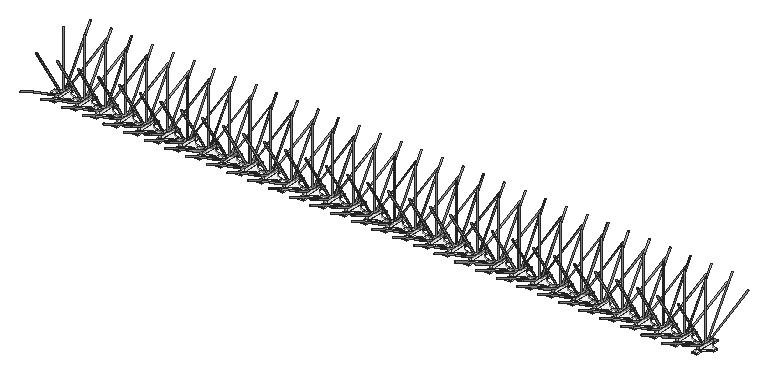
Revit family "BirdControl_Spikes_BirdBGone_2001", category Specialty Equipment, Revit 2017
Family settings
  Round Connector Dimension = Use Diameter
  Part Type = Normal
  OmniClass Number = 23.40.10.14.14.99
  OmniClass Title = Other Manufactured Exterior Specialties
  Cut with Voids When Loaded = No
  Shared = No
  Room Calculation Point = No
Parameters (values of type "BirdBGone template - Line Based")
  Warranty Duration (Years) = 0
  URL = "http://www.birdbgone.com/"
  Test Data = "http://www.birdbgone.com/bird-control-product-msds"
  Units [instance] = [built-in parameter 1001306] / 0' 1 1/2"  # 32
  Specification = "http://www.arcat.com/sdspecs/htm/10290bir.htm"
  SpecWizard = ""
  Send Message = "http://www.arcat.com/users.pl?action=UserEmail&company=Bird-B-Gone,%20Inc.&coid=38371&rep=147&fax=949-472-3116&mf="
  Sales Information = "http://www.birdbgone.com/bird-control-store/"
  Revision = "R1_10-2010"
  Product Properties = "http://www.arcat.com/bim/bim_info.pl?fn=BirdBGone"
  Product Data = "http://www.arcat.com/arcatcos/cos38/arc38371.html"
  Model = "As Specified in 10 81 19"
  Middle Front Row = yes
  Material = Metal - Stainless Steel - Bird B Gone
  Manufacturer Website = "http://www.birdbgone.com/"
  Manufacturer Phone - Toll Free = "800-392-6915"
  Manufacturer Phone = "949-472-3122"
  Manufacturer Fax = "949-472-3116"
  Manufacturer Address = "23918 Skyline, Mission Viejo, CA 92692"
  Manufacturer = "Bird-B-Gone, Inc."
  Maintenance Schedule (Months) = 0
  built-in parameter 1001306 [instance] = 4' - 0"
  Keynote = "10 81 19"
  Installation-Fabrication = "http://www.birdbgone.com/installation-instructions"
  Installation Phase = ""
  Green Building-LEED = "http://www.arcat.com/green/clients/leed_data_38371.html"
  Expected Lifespan (Years) = 0
  Drawn By = "Robert S. Weygant, CSI, CDT, SCIP"
  Description = "Bird Control Equipment as Specified in 10 81 19"
  Copyright = "2010 ARCAT, Inc."
  Construction Details = "http://www.arcat.com/details/birdbgon/birdbgon.html?coid=38371"
  Building Codes = "http://www.birdbgone.com/knowledge-center/"
  End Rows = yes
  Middle Back Row = yes
  Base Material = Plastic - Bird B Gone - Polycarbonate - Crystal Clear
  Assembly Code = "E1090900"
Reference planes (in)
  plane 1 "Center (Front/Back)": y = 0
  plane 2: z = 0
  plane 3 "Left": x = 0
  plane 4 "Right": x = 48
  plane 5: y = 0.625
  plane 6: y = -0.625
Lines and regions (in)
  reference lines
    curve 1: line (0, 0, 0) -> (48, 0, 0)
Dimensions and locks (in)
  "built-in parameter 1001306": plane 3 "Left" to plane 4 "Right"
  equal spacing: plane 5, curve 1, plane 6
  locked: plane 5 to plane 6 at 1.25
  equal spacing: group 1, group 2, group 3, group 4, group 5, group 6, group 7, group 8, group 9, group 10, group 11, group 12, group 13, group 14, group 15, group 16, group 17, group 18, group 19, group 20, group 21, group 22, group 23, group 24, group 25, group 26, group 27, group 28, group 29, group 30, group 31, group 32  (x3)
  aligned and locked: plane 4 "Right" to curve 1
  aligned and locked: plane 3 "Left" to curve 1
Nested families (in)
  nested 1: "SpikeUnit_2001" at (0.75, 0, 0) x (0, 1, 0) z (0, 0, 1), Middle Back Row <- "Middle Back Row", End Rows <- "End Rows", Material <- "Material", Base Material <- "Base Material", Middle Front Row <- "Middle Front Row", type "BirdBGone template - Standalone"
    with offset 0' - 0", Unit Height 0' - 4 1/2", Middle Back Row yes, Material Metal - Stainless Steel - Bird B Gone, End Rows yes, Base Material Plastic - Bird B Gone - Polycarbonate - Crystal Clear
  nested 2: "SpikeUnit_2001" at (2.25, 0, 0) x (0, 1, 0) z (0, 0, 1), Middle Back Row <- "Middle Back Row", End Rows <- "End Rows", Material <- "Material", Base Material <- "Base Material", Middle Front Row <- "Middle Front Row", type "BirdBGone template - Standalone"
    with offset 0' - 0", Unit Height 0' - 4 1/2", Middle Front Row yes, Middle Back Row yes, Material Metal - Stainless Steel - Bird B Gone, End Rows yes, Base Material Plastic - Bird B Gone - Polycarbonate - Crystal Clear
  nested 3: "SpikeUnit_2001" at (3.75, 0, 0) x (0, 1, 0) z (0, 0, 1), Middle Back Row <- "Middle Back Row", End Rows <- "End Rows", Material <- "Material", Base Material <- "Base Material", Middle Front Row <- "Middle Front Row", type "BirdBGone template - Standalone"
    with offset 0' - 0", Unit Height 0' - 4 1/2", Middle Front Row yes, Middle Back Row yes, Material Metal - Stainless Steel - Bird B Gone, End Rows yes, Base Material Plastic - Bird B Gone - Polycarbonate - Crystal Clear
  nested 4: "SpikeUnit_2001" at (5.25, 0, 0) x (0, 1, 0) z (0, 0, 1), Middle Back Row <- "Middle Back Row", End Rows <- "End Rows", Material <- "Material", Base Material <- "Base Material", Middle Front Row <- "Middle Front Row", type "BirdBGone template - Standalone"
    with offset 0' - 0", Unit Height 0' - 4 1/2", Middle Front Row yes, Middle Back Row yes, Material Metal - Stainless Steel - Bird B Gone, End Rows yes, Base Material Plastic - Bird B Gone - Polycarbonate - Crystal Clear
  nested 5: "SpikeUnit_2001" at (6.75, 0, 0) x (0, 1, 0) z (0, 0, 1), Middle Back Row <- "Middle Back Row", End Rows <- "End Rows", Material <- "Material", Base Material <- "Base Material", Middle Front Row <- "Middle Front Row", type "BirdBGone template - Standalone"
    with offset 0' - 0", Unit Height 0' - 4 1/2", Middle Front Row yes, Middle Back Row yes, Material Metal - Stainless Steel - Bird B Gone, End Rows yes, Base Material Plastic - Bird B Gone - Polycarbonate - Crystal Clear
  nested 6: "SpikeUnit_2001" at (8.25, 0, 0) x (0, 1, 0) z (0, 0, 1), Middle Back Row <- "Middle Back Row", End Rows <- "End Rows", Material <- "Material", Base Material <- "Base Material", Middle Front Row <- "Middle Front Row", type "BirdBGone template - Standalone"
    with offset 0' - 0", Unit Height 0' - 4 1/2", Middle Front Row yes, Middle Back Row yes, Material Metal - Stainless Steel - Bird B Gone, End Rows yes, Base Material Plastic - Bird B Gone - Polycarbonate - Crystal Clear
  nested 7: "SpikeUnit_2001" at (9.75, 0, 0) x (0, 1, 0) z (0, 0, 1), Middle Back Row <- "Middle Back Row", End Rows <- "End Rows", Material <- "Material", Base Material <- "Base Material", Middle Front Row <- "Middle Front Row", type "BirdBGone template - Standalone"
    with offset 0' - 0", Unit Height 0' - 4 1/2", Middle Front Row yes, Middle Back Row yes, Material Metal - Stainless Steel - Bird B Gone, End Rows yes, Base Material Plastic - Bird B Gone - Polycarbonate - Crystal Clear
  nested 8: "SpikeUnit_2001" at (11.25, 0, 0) x (0, 1, 0) z (0, 0, 1), Middle Back Row <- "Middle Back Row", End Rows <- "End Rows", Material <- "Material", Base Material <- "Base Material", Middle Front Row <- "Middle Front Row", type "BirdBGone template - Standalone"
    with offset 0' - 0", Unit Height 0' - 4 1/2", Middle Front Row yes, Middle Back Row yes, Material Metal - Stainless Steel - Bird B Gone, End Rows yes, Base Material Plastic - Bird B Gone - Polycarbonate - Crystal Clear
  nested 9: "SpikeUnit_2001" at (12.75, 0, 0) x (0, 1, 0) z (0, 0, 1), Middle Back Row <- "Middle Back Row", End Rows <- "End Rows", Material <- "Material", Base Material <- "Base Material", Middle Front Row <- "Middle Front Row", type "BirdBGone template - Standalone"
    with offset 0' - 0", Unit Height 0' - 4 1/2", Middle Front Row yes, Middle Back Row yes, Material Metal - Stainless Steel - Bird B Gone, End Rows yes, Base Material Plastic - Bird B Gone - Polycarbonate - Crystal Clear
  nested 10: "SpikeUnit_2001" at (14.25, 0, 0) x (0, 1, 0) z (0, 0, 1), Middle Back Row <- "Middle Back Row", End Rows <- "End Rows", Material <- "Material", Base Material <- "Base Material", Middle Front Row <- "Middle Front Row", type "BirdBGone template - Standalone"
    with offset 0' - 0", Unit Height 0' - 4 1/2", Middle Front Row yes, Middle Back Row yes, Material Metal - Stainless Steel - Bird B Gone, End Rows yes, Base Material Plastic - Bird B Gone - Polycarbonate - Crystal Clear
  nested 11: "SpikeUnit_2001" at (15.75, 0, 0) x (0, 1, 0) z (0, 0, 1), Middle Back Row <- "Middle Back Row", End Rows <- "End Rows", Material <- "Material", Base Material <- "Base Material", Middle Front Row <- "Middle Front Row", type "BirdBGone template - Standalone"
    with offset 0' - 0", Unit Height 0' - 4 1/2", Middle Front Row yes, Middle Back Row yes, Material Metal - Stainless Steel - Bird B Gone, End Rows yes, Base Material Plastic - Bird B Gone - Polycarbonate - Crystal Clear
  nested 12: "SpikeUnit_2001" at (17.25, 0, 0) x (0, 1, 0) z (0, 0, 1), Middle Back Row <- "Middle Back Row", End Rows <- "End Rows", Material <- "Material", Base Material <- "Base Material", Middle Front Row <- "Middle Front Row", type "BirdBGone template - Standalone"
    with offset 0' - 0", Unit Height 0' - 4 1/2", Middle Front Row yes, Middle Back Row yes, Material Metal - Stainless Steel - Bird B Gone, End Rows yes, Base Material Plastic - Bird B Gone - Polycarbonate - Crystal Clear
  nested 13: "SpikeUnit_2001" at (18.75, 0, 0) x (0, 1, 0) z (0, 0, 1), Middle Back Row <- "Middle Back Row", End Rows <- "End Rows", Material <- "Material", Base Material <- "Base Material", Middle Front Row <- "Middle Front Row", type "BirdBGone template - Standalone"
    with offset 0' - 0", Unit Height 0' - 4 1/2", Middle Front Row yes, Middle Back Row yes, Material Metal - Stainless Steel - Bird B Gone, End Rows yes, Base Material Plastic - Bird B Gone - Polycarbonate - Crystal Clear
  nested 14: "SpikeUnit_2001" at (20.25, 0, 0) x (0, 1, 0) z (0, 0, 1), Middle Back Row <- "Middle Back Row", End Rows <- "End Rows", Material <- "Material", Base Material <- "Base Material", Middle Front Row <- "Middle Front Row", type "BirdBGone template - Standalone"
    with offset 0' - 0", Unit Height 0' - 4 1/2", Middle Front Row yes, Middle Back Row yes, Material Metal - Stainless Steel - Bird B Gone, End Rows yes, Base Material Plastic - Bird B Gone - Polycarbonate - Crystal Clear
  nested 15: "SpikeUnit_2001" at (21.75, 0, 0) x (0, 1, 0) z (0, 0, 1), Middle Back Row <- "Middle Back Row", End Rows <- "End Rows", Material <- "Material", Base Material <- "Base Material", Middle Front Row <- "Middle Front Row", type "BirdBGone template - Standalone"
    with offset 0' - 0", Unit Height 0' - 4 1/2", Middle Front Row yes, Middle Back Row yes, Material Metal - Stainless Steel - Bird B Gone, End Rows yes, Base Material Plastic - Bird B Gone - Polycarbonate - Crystal Clear
  nested 16: "SpikeUnit_2001" at (23.25, 0, 0) x (0, 1, 0) z (0, 0, 1), Middle Back Row <- "Middle Back Row", End Rows <- "End Rows", Material <- "Material", Base Material <- "Base Material", Middle Front Row <- "Middle Front Row", type "BirdBGone template - Standalone"
    with offset 0' - 0", Unit Height 0' - 4 1/2", Middle Front Row yes, Middle Back Row yes, Material Metal - Stainless Steel - Bird B Gone, End Rows yes, Base Material Plastic - Bird B Gone - Polycarbonate - Crystal Clear
  nested 17: "SpikeUnit_2001" at (24.75, 0, 0) x (0, 1, 0) z (0, 0, 1), Middle Back Row <- "Middle Back Row", End Rows <- "End Rows", Material <- "Material", Base Material <- "Base Material", Middle Front Row <- "Middle Front Row", type "BirdBGone template - Standalone"
    with offset 0' - 0", Unit Height 0' - 4 1/2", Middle Front Row yes, Middle Back Row yes, Material Metal - Stainless Steel - Bird B Gone, End Rows yes, Base Material Plastic - Bird B Gone - Polycarbonate - Crystal Clear
  nested 18: "SpikeUnit_2001" at (26.25, 0, 0) x (0, 1, 0) z (0, 0, 1), Middle Back Row <- "Middle Back Row", End Rows <- "End Rows", Material <- "Material", Base Material <- "Base Material", Middle Front Row <- "Middle Front Row", type "BirdBGone template - Standalone"
    with offset 0' - 0", Unit Height 0' - 4 1/2", Middle Front Row yes, Middle Back Row yes, Material Metal - Stainless Steel - Bird B Gone, End Rows yes, Base Material Plastic - Bird B Gone - Polycarbonate - Crystal Clear
  nested 19: "SpikeUnit_2001" at (27.75, 0, 0) x (0, 1, 0) z (0, 0, 1), Middle Back Row <- "Middle Back Row", End Rows <- "End Rows", Material <- "Material", Base Material <- "Base Material", Middle Front Row <- "Middle Front Row", type "BirdBGone template - Standalone"
    with offset 0' - 0", Unit Height 0' - 4 1/2", Middle Front Row yes, Middle Back Row yes, Material Metal - Stainless Steel - Bird B Gone, End Rows yes, Base Material Plastic - Bird B Gone - Polycarbonate - Crystal Clear
  nested 20: "SpikeUnit_2001" at (29.25, 0, 0) x (0, 1, 0) z (0, 0, 1), Middle Back Row <- "Middle Back Row", End Rows <- "End Rows", Material <- "Material", Base Material <- "Base Material", Middle Front Row <- "Middle Front Row", type "BirdBGone template - Standalone"
    with offset 0' - 0", Unit Height 0' - 4 1/2", Middle Front Row yes, Middle Back Row yes, Material Metal - Stainless Steel - Bird B Gone, End Rows yes, Base Material Plastic - Bird B Gone - Polycarbonate - Crystal Clear
  nested 21: "SpikeUnit_2001" at (30.75, 0, 0) x (0, 1, 0) z (0, 0, 1), Middle Back Row <- "Middle Back Row", End Rows <- "End Rows", Material <- "Material", Base Material <- "Base Material", Middle Front Row <- "Middle Front Row", type "BirdBGone template - Standalone"
    with offset 0' - 0", Unit Height 0' - 4 1/2", Middle Front Row yes, Middle Back Row yes, Material Metal - Stainless Steel - Bird B Gone, End Rows yes, Base Material Plastic - Bird B Gone - Polycarbonate - Crystal Clear
  nested 22: "SpikeUnit_2001" at (32.25, 0, 0) x (0, 1, 0) z (0, 0, 1), Middle Back Row <- "Middle Back Row", End Rows <- "End Rows", Material <- "Material", Base Material <- "Base Material", Middle Front Row <- "Middle Front Row", type "BirdBGone template - Standalone"
    with offset 0' - 0", Unit Height 0' - 4 1/2", Middle Front Row yes, Middle Back Row yes, Material Metal - Stainless Steel - Bird B Gone, End Rows yes, Base Material Plastic - Bird B Gone - Polycarbonate - Crystal Clear
  nested 23: "SpikeUnit_2001" at (33.75, 0, 0) x (0, 1, 0) z (0, 0, 1), Middle Back Row <- "Middle Back Row", End Rows <- "End Rows", Material <- "Material", Base Material <- "Base Material", Middle Front Row <- "Middle Front Row", type "BirdBGone template - Standalone"
    with offset 0' - 0", Unit Height 0' - 4 1/2", Middle Front Row yes, Middle Back Row yes, Material Metal - Stainless Steel - Bird B Gone, End Rows yes, Base Material Plastic - Bird B Gone - Polycarbonate - Crystal Clear
  nested 24: "SpikeUnit_2001" at (35.25, 0, 0) x (0, 1, 0) z (0, 0, 1), Middle Back Row <- "Middle Back Row", End Rows <- "End Rows", Material <- "Material", Base Material <- "Base Material", Middle Front Row <- "Middle Front Row", type "BirdBGone template - Standalone"
    with offset 0' - 0", Unit Height 0' - 4 1/2", Middle Front Row yes, Middle Back Row yes, Material Metal - Stainless Steel - Bird B Gone, End Rows yes, Base Material Plastic - Bird B Gone - Polycarbonate - Crystal Clear
  nested 25: "SpikeUnit_2001" at (36.75, 0, 0) x (0, 1, 0) z (0, 0, 1), Middle Back Row <- "Middle Back Row", End Rows <- "End Rows", Material <- "Material", Base Material <- "Base Material", Middle Front Row <- "Middle Front Row", type "BirdBGone template - Standalone"
    with offset 0' - 0", Unit Height 0' - 4 1/2", Middle Front Row yes, Middle Back Row yes, Material Metal - Stainless Steel - Bird B Gone, End Rows yes, Base Material Plastic - Bird B Gone - Polycarbonate - Crystal Clear
  nested 26: "SpikeUnit_2001" at (38.25, 0, 0) x (0, 1, 0) z (0, 0, 1), Middle Back Row <- "Middle Back Row", End Rows <- "End Rows", Material <- "Material", Base Material <- "Base Material", Middle Front Row <- "Middle Front Row", type "BirdBGone template - Standalone"
    with offset 0' - 0", Unit Height 0' - 4 1/2", Middle Front Row yes, Middle Back Row yes, Material Metal - Stainless Steel - Bird B Gone, End Rows yes, Base Material Plastic - Bird B Gone - Polycarbonate - Crystal Clear
  nested 27: "SpikeUnit_2001" at (39.75, 0, 0) x (0, 1, 0) z (0, 0, 1), Middle Back Row <- "Middle Back Row", End Rows <- "End Rows", Material <- "Material", Base Material <- "Base Material", Middle Front Row <- "Middle Front Row", type "BirdBGone template - Standalone"
    with offset 0' - 0", Unit Height 0' - 4 1/2", Middle Front Row yes, Middle Back Row yes, Material Metal - Stainless Steel - Bird B Gone, End Rows yes, Base Material Plastic - Bird B Gone - Polycarbonate - Crystal Clear
  nested 28: "SpikeUnit_2001" at (41.25, 0, 0) x (0, 1, 0) z (0, 0, 1), Middle Back Row <- "Middle Back Row", End Rows <- "End Rows", Material <- "Material", Base Material <- "Base Material", Middle Front Row <- "Middle Front Row", type "BirdBGone template - Standalone"
    with offset 0' - 0", Unit Height 0' - 4 1/2", Middle Front Row yes, Middle Back Row yes, Material Metal - Stainless Steel - Bird B Gone, End Rows yes, Base Material Plastic - Bird B Gone - Polycarbonate - Crystal Clear
  nested 29: "SpikeUnit_2001" at (42.75, 0, 0) x (0, 1, 0) z (0, 0, 1), Middle Back Row <- "Middle Back Row", End Rows <- "End Rows", Material <- "Material", Base Material <- "Base Material", Middle Front Row <- "Middle Front Row", type "BirdBGone template - Standalone"
    with offset 0' - 0", Unit Height 0' - 4 1/2", Middle Front Row yes, Middle Back Row yes, Material Metal - Stainless Steel - Bird B Gone, End Rows yes, Base Material Plastic - Bird B Gone - Polycarbonate - Crystal Clear
  nested 30: "SpikeUnit_2001" at (44.25, 0, 0) x (0, 1, 0) z (0, 0, 1), Middle Back Row <- "Middle Back Row", End Rows <- "End Rows", Material <- "Material", Base Material <- "Base Material", Middle Front Row <- "Middle Front Row", type "BirdBGone template - Standalone"
    with offset 0' - 0", Unit Height 0' - 4 1/2", Middle Front Row yes, Middle Back Row yes, Material Metal - Stainless Steel - Bird B Gone, End Rows yes, Base Material Plastic - Bird B Gone - Polycarbonate - Crystal Clear
  nested 31: "SpikeUnit_2001" at (45.75, 0, 0) x (0, 1, 0) z (0, 0, 1), Middle Back Row <- "Middle Back Row", End Rows <- "End Rows", Material <- "Material", Base Material <- "Base Material", Middle Front Row <- "Middle Front Row", type "BirdBGone template - Standalone"
    with offset 0' - 0", Unit Height 0' - 4 1/2", Middle Front Row yes, Middle Back Row yes, Material Metal - Stainless Steel - Bird B Gone, End Rows yes, Base Material Plastic - Bird B Gone - Polycarbonate - Crystal Clear
  nested 32: "SpikeUnit_2001" at (47.25, 0, 0) x (0, 1, 0) z (0, 0, 1), Middle Back Row <- "Middle Back Row", End Rows <- "End Rows", Material <- "Material", Base Material <- "Base Material", Middle Front Row <- "Middle Front Row", type "BirdBGone template - Standalone"
    with offset 0' - 0", Unit Height 0' - 4 1/2", Middle Front Row yes, Middle Back Row yes, Material Metal - Stainless Steel - Bird B Gone, End Rows yes, Base Material Plastic - Bird B Gone - Polycarbonate - Crystal Clear
Definition of nested family "SpikeUnit_2001"
  Parameters
    offset [instance] = 0' - 0"
    Warranty Duration (Years) = 0
    Unit Width = 0' - 7"
    Unit Height [instance] = 0' - 4 1/2"
    Unit Depth = 0' - 0 1/4"
    URL = "http://www.birdbgone.com/"
    Test Data = "http://www.birdbgone.com/bird-control-product-msds"
    Specification = "http://www.arcat.com/sdspecs/htm/10290bir.htm"
    SpecWizard = ""
    Send Message = "http://www.arcat.com/users.pl?action=UserEmail&company=Bird-B-Gone,%20Inc.&coid=38371&rep=147&fax=949-472-3116&mf="
    Sales Information = "http://www.birdbgone.com/bird-control-store/"
    Revision = "R1_10-2010"
    Product Properties = "http://www.arcat.com/bim/bim_info.pl?fn=BirdBGone"
    Product Data = "http://www.arcat.com/arcatcos/cos38/arc38371.html"
    Model = "As Specified in 10 81 19"
    Middle Front Row [instance] = yes
    Middle Back Row [instance] = yes
    Material [instance] = none
    Manufacturer Website = "http://www.birdbgone.com/"
    Manufacturer Phone - Toll Free = "800-392-6915"
    Manufacturer Phone = "949-472-3122"
    Manufacturer Fax = "949-472-3116"
    Manufacturer Address = "23918 Skyline, Mission Viejo, CA 92692"
    Manufacturer = "Bird-B-Gone, Inc."
    Maintenance Schedule (Months) = 0
    Keynote = "10 81 19"
    Installation-Fabrication = "http://www.birdbgone.com/installation-instructions"
    Installation Phase = ""
    Green Building-LEED = "http://www.arcat.com/green/clients/leed_data_38371.html"
    Expected Lifespan (Years) = 0
    End Rows [instance] = yes
    Drawn By = "Robert S. Weygant, CSI, CDT, SCIP"
    Description = "Bird Control Equipment as Specified in 10 81 19"
    Copyright = "wt"
    Construction Details = "http://www.arcat.com/details/birdbgon/birdbgon.html?coid=38371"
    Building Codes = "http://www.birdbgone.com/knowledge-center/"
    Base Material [instance] = none
    Assembly Code = "E1090900"
  Reference planes (in)
    plane 1 "Center (Front/Back)": y = 0
    plane 2 "Bottom": z = 0
    plane 3 "Center (Left/Right)": x = 0
    plane 4 "Top": z = 4.5
    plane 5: x = -1
    plane 6: x = 1
    plane 7: y = -0.75
    plane 8: y = 0.75
  Forms (in)
    Extrusion 1, solid, material <- "Base Material"
      sketch origin (0, 0, 0) x (1, 0, 0) y (0, 1, 0)
        loop
          line (1, 0.1875) -> (0.5519, 0.1875)
          arc (0.5519, 0.1875) -> (0.40496, 0.23525) -> (0.31414, 0.36025) r 0.25
          line (0.31414, 0.36025) -> (0.1875, 0.75) -> (-0.1875, 0.75) -> (-0.31414, 0.36025)
          arc (-0.31414, 0.36025) -> (-0.40496, 0.23525) -> (-0.5519, 0.1875) r 0.25
          line (-0.5519, 0.1875) -> (-1, 0.1875) -> (-1, -0.1875) -> (-0.5519, -0.1875)
          arc (-0.5519, -0.1875) -> (-0.40496, -0.23525) -> (-0.31414, -0.36025) r 0.25
          line (-0.31414, -0.36025) -> (-0.1875, -0.75) -> (0.1875, -0.75) -> (0.31414, -0.36025)
          arc (0.31414, -0.36025) -> (0.40496, -0.23525) -> (0.5519, -0.1875) r 0.25
          line (0.5519, -0.1875) -> (1, -0.1875) -> (1, 0.1875)
      from 0 to 0.125
    Extrusion 2, solid, material <- "Base Material"
      sketch origin (0, 0, 0) x (0, 1, 0) y (-1, 0, 0)
        loop
          line (-0.125, 0.625) -> (-0.125, -0.625) -> (0.125, -0.625) -> (0.125, 0.625) -> (-0.125, 0.625)
      from 0 to 0.375
    Sweep 3, solid, material <- "Material", detail levels medium+fine
      path origin (0, 0, 0) x (0.707107, 0, 0.707107) y (-0.707107, 0, 0.707107)
        loop
          line (0.26517, 0.26517) -> (3.18198, 3.18198)
      profile origin (0, 0, 2.4375) x (-1, 0, 0) y (0, -1, 0)
        loop
          circle (0, 0) r 0.03125
    Sweep 4, solid, material <- "Material", visible <- "Middle Front Row", detail levels medium+fine
      path origin (0.05128, 0, 0.05698) x (0.97437, 0, 0.224951) y (-0.224951, 0, 0.97437)
        loop
          line (0.20443, 0.20443) -> (3.18198, 3.18198)
      profile origin (1.3202, 0, 2.08768) x (-0.848048, 0, 0.529919) y (0, -1, 0)
        loop
          circle (0, 0) r 0.03125
    Sweep 5, solid, material <- "Material", visible <- "End Rows", detail levels medium+fine
      path origin (-0.1741, 0, 0.04622) x (0.945519, 0, -0.325568) y (0.325568, 0, 0.945519)
        loop
          line (0.41987, 0.41987) -> (3.18198, 3.18198)
      profile origin (2.11504, 0, 1.16271) x (-0.438371, 0, 0.898794) y (0, -1, 0)
        loop
          circle (0, 0) r 0.03125
    Sweep 6, solid, material <- "Material", visible <- "Middle Back Row", detail levels medium+fine
      path origin (-0.05128, 0, 0.05698) x (-0.97437, 0, 0.224951) y (-0.224951, 0, -0.97437)
        loop
          line (0.20443, -0.20443) -> (3.18198, -3.18198)
      profile origin (-1.3202, 0, 2.08768) x (-0.848048, 0, -0.529919) y (0, -1, 0)
        loop
          circle (0, 0) r 0.03125
    Sweep 7, solid, material <- "Material", visible <- "End Rows", detail levels medium+fine
      path origin (0.1741, 0, 0.04622) x (-0.945519, 0, -0.325568) y (0.325568, 0, -0.945519)
        loop
          line (0.41987, -0.41987) -> (3.18198, -3.18198)
      profile origin (-2.11504, 0, 1.16271) x (-0.438371, 0, -0.898794) y (0, -1, 0)
        loop
          circle (0, 0) r 0.03125
  Cuts and joins
    joined: Extrusion 1, Extrusion 2
  Lines and regions (in)
    model lines, detail levels coarse
      curve 1: line (0, 0, 0.375) -> (0, 0, 4.5)
    model lines, visible <- "Middle Front Row", detail levels coarse
      curve 2: line (0.25, 0, 0.375) -> (2.43592, 0, 3.8732)
    model lines, visible <- "End Rows", detail levels coarse
      curve 3: line (0.5, 0, 0.375) -> (3.87048, 0, 2.01889)
      curve 5: line (-0.5, 0, 0.375) -> (-3.87048, 0, 2.01889)
    model lines, visible <- "Middle Back Row", detail levels coarse
      curve 4: line (-0.25, 0, 0.375) -> (-2.43592, 0, 3.8732)
  Dimensions and locks (in)
    "Unit Height": plane 4 "Top" to level
    plane 5 to plane 3 "Center (Left/Right)" = 0' - 1"
  Automatic sketch dimensions
    Extrusion 1 sketch curve to plane 5 = 0' - 0"
    Extrusion 1 sketch curve to plane 8 = 0' - 0"
    Extrusion 1 sketch curve to plane 7 = 0' - 0"
    Extrusion 1 sketch curve to plane 6 = 0' - 0"
    plane 5 to Extrusion 1 sketch curve = 0' - 0.4481"
    Extrusion 1 sketch curve to Extrusion 1 sketch curve = 0' - 0"
    Extrusion 1 sketch curve to Extrusion 1 sketch curve = 0' - 0.23776"  (x4)
    Extrusion 1 sketch curve to plane 3 "Center (Left/Right)" = 0' - 0 3/16"  (x2)
    plane 3 "Center (Left/Right)" to Extrusion 1 sketch curve = 0' - 0 3/16"  (x2)
    plane 3 "Center (Left/Right)" to Extrusion 1 sketch curve = 0' - 0.31414"  (x2)
    plane 7 to Extrusion 1 sketch curve = 0' - 0 5/16"  (x2)
    Extrusion 1 sketch curve to Extrusion 1 sketch curve = 0' - 0.07725"  (x2)
    Extrusion 1 sketch curve to plane 1 "Center (Front/Back)" = 0' - 0 3/16"  (x2)
    Extrusion 1 sketch curve to Extrusion 1 sketch curve = 0' - 0.17275"  (x2)
    curve 1 to plane 3 "Center (Left/Right)" = 0' - 0"  (x2)
    curve 1 to plane 4 "Top" = 0' - 0"
    curve 4 to curve 1 = 0' - 2.16567"
    curve 3 to curve 1 = 0' - 2.56326"
    curve 2 to curve 3 = 0' - 0.17678"
    curve 1 to curve 2 = 0' - 0.17678"
    curve 4 to curve 1 = 0' - 0.17678"
    curve 5 to curve 4 = 0' - 0.17678"
    curve 5 to curve 4 = 0' - 2.32558"
    curve 3 to curve 3 = 0' - 3.54569"
    curve 3 to curve 2 = 0' - 0.29681"
    curve 2 to curve 1 = 0' - 0.17678"
    curve 3 to curve 2 = 0' - 0.17678"
    curve 3 to curve 3 = 0' - 1.22088"
    curve 1 to curve 4 = 0' - 0.17678"
    curve 4 to curve 5 = 0' - 0.17678"
    curve 3 to curve 2 = 0' - 2.32558"
    curve 5 to curve 5 = 0' - 3.54569"
    curve 5 to curve 4 = 0' - 0.29681"
    plane 1 "Center (Front/Back)" to Extrusion 2 sketch curve = 0' - 0 1/8"
    Extrusion 2 sketch curve to plane 1 "Center (Front/Back)" = 0' - 0 1/8"
    plane 6 to Extrusion 2 sketch curve = 0' - 0 3/8"
    plane 5 to Extrusion 2 sketch curve = 0' - 0 3/8"
    Sweep 3 sketch curve to plane 3 "Center (Left/Right)" = 0' - 0"  (x2)
    Sweep 3 sketch curve to plane 4 "Top" = 0' - 0"
    Sweep 3 sketch curve to Sweep 3 sketch curve = 0' - 2.91682"
    Sweep 3 sketch curve to profile plane = 0' - 0"  (x2)
    plane 3 "Center (Left/Right)" to Sweep 4 sketch curve = 0' - 0.20448"
    level to Sweep 4 sketch curve = 0' - 0.30216"
    Sweep 4 sketch curve to Sweep 4 sketch curve = 0' - 2.97755"  (x2)
    Sweep 4 sketch curve to profile plane = 0' - 0"  (x2)
    level to Sweep 5 sketch curve = 0' - 0.30652"
    plane 3 "Center (Left/Right)" to Sweep 5 sketch curve = 0' - 0.35959"
    Sweep 5 sketch curve to Sweep 5 sketch curve = 0' - 2.76211"  (x2)
    Sweep 5 sketch curve to profile plane = 0' - 0"  (x2)
    Sweep 6 sketch curve to plane 3 "Center (Left/Right)" = 0' - 0.20448"
    level to Sweep 6 sketch curve = 0' - 0.30216"
    Sweep 6 sketch curve to Sweep 6 sketch curve = 0' - 2.97755"  (x2)
    Sweep 6 sketch curve to profile plane = 0' - 0"  (x2)
    level to Sweep 7 sketch curve = 0' - 0.30652"
    Sweep 7 sketch curve to plane 3 "Center (Left/Right)" = 0' - 0.35959"
    Sweep 7 sketch curve to Sweep 7 sketch curve = 0' - 2.76211"  (x2)
    Sweep 7 sketch curve to profile plane = 0' - 0"  (x2)
    radius of Sweep 3 sketch curve = 0' - 0 1/32"
    radius of Sweep 4 sketch curve = 0' - 0 1/32"
    radius of Sweep 5 sketch curve = 0' - 0 1/32"
    radius of Sweep 6 sketch curve = 0' - 0 1/32"
    radius of Sweep 7 sketch curve = 0' - 0 1/32"
